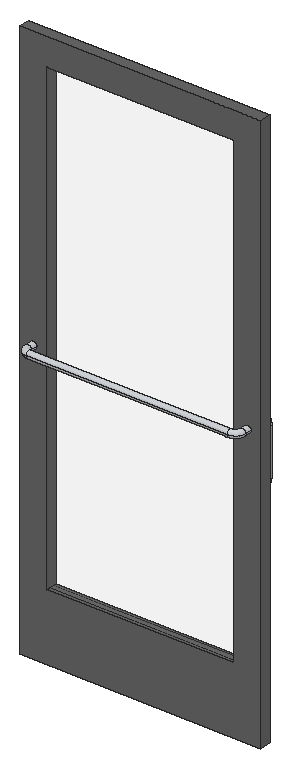
Revit family "Storefront_Entry_Door-_Single_7051", category Doors, Revit 2024
Family settings
  Always vertical = Yes
  Cut with Voids When Loaded = No
  Shared = No
  Room Calculation Point = No
Parameters (values of type "Store Front Single Door")
  Top Rail = 0' - 4"
  Thickness = 0' - 1 3/4"
  Side Rail = 0' - 4"
  Rail Height AFF = 3' - 6"
  Offset = 0' - 2"
  Material = Aluminum - Kawneer - Black
  Keynote = "08/003"
  Glazing Material = AE Glass
  Function = Interior
  FRAME FINISH [instance] = "ALUMINUM"
  Define Thermal Properties by = Schematic Type
  Bottom Rail Width = 0' - 10"
  Assembly Code = "B2030110"
  Analytic Construction = "<None>"
Reference planes (in)
  plane 1 "Center (Front/Back": y = 0
  plane 2: z = 0
  plane 3 "Center (Left/Right)": x = -14.75106
  plane 4 "Left": x = -32.75106
  plane 5 "Right": x = 3.24894
  plane 6 "Top": z = 84
  plane 7: y = 0.25
  plane 8: y = 2
  plane 9 "Handle Height": z = 42
  plane 10: z = 33
  plane 11 "Handle - Vert": x = 1.24894
Forms (in)
  Extrusion 1, solid, material "Aluminum - Kawneer - Black" <- "Material"
    sketch origin (0, 0, 0) x (1, 0, 0) y (0, 0, 1)
      loop
        line (-32.75106, 84) -> (-32.75106, 0) -> (3.24894, 0) -> (3.24894, 84) -> (-32.75106, 84)
      loop
        line (-0.75106, 80) -> (-28.75106, 80) -> (-28.75106, 10) -> (-0.75106, 10) -> (-0.75106, 80)
    from -2 to -0.25
  Extrusion 2, solid, material "AE Glass" <- "Glazing Material"
    sketch origin (0, 0, 0) x (1, 0, 0) y (0, 0, 1)
      loop
        line (-0.75106, 80) -> (-28.75106, 80) -> (-28.75106, 10) -> (-0.75106, 10) -> (-0.75106, 80)
    from -1.5 to -0.75
  Sweep 3, solid
    path origin (0, 0, 42) x (0, 1, 0) y (-1, 0, 0)
      loop
        line (0.25, -1.24894) -> (-0.75, -1.24894)
        arc (-0.75, -1.24894) -> (-1.45711, -0.95605) -> (-1.75, -0.24894) r 1
        line (-1.75, -0.24894) -> (-1.75, 29.75106)
        arc (-1.75, 29.75106) -> (-1.45711, 30.45817) -> (-0.75, 30.75106) r 1
        line (-0.75, 30.75106) -> (0.25, 30.75106)
    profile origin (1.24894, -0.25, 42) x (1, 0, 0) y (0, 0, 1)
      loop
        circle (0, 0) r 0.5
  Sweep 4, solid
    path origin (1.24894, 0, 0) x (0, 0, 1) y (0, -1, 0)
      loop
        line (42, -2) -> (42, -3)
        arc (42, -3) -> (41.70711, -3.70711) -> (41, -4) r 1
        line (41, -4) -> (34, -4)
        arc (34, -4) -> (33.29289, -3.70711) -> (33, -3) r 1
        line (33, -3) -> (33, -2)
    profile origin (1.24894, 2.5, 42) x (0, 0, 1) y (1, 0, 0)
      loop
        circle (0, 0) r 0.5
Lines and regions (in)
  symbolic lines, style "DoorsPanelProjection"
    curve 1: line (-32.75106, 0.25, 0) -> (-32.75106, 36.25, 0)
  symbolic lines, style "Plan Swing"
    curve 2: arc (3.24894, 0.25, 0) -> (-7.29521, 25.70584, 0) -> (-32.75106, 36.25, 0) r 36
  symbolic lines, style "Elevation Swing"
    curve 3: line (3.24894, 0, 0) -> (-32.75106, 0, 42)
    curve 4: line (-32.75106, 0, 42) -> (3.24894, 0, 84)
Text (in)
  text "Exterior" at (-13.30253, 14.1995, 0), in view "Base Line"
Dimensions and locks (in)
  equal spacing: plane 4 "Left", plane 3 "Center (Left/Right)", plane 5 "Right"
  "Top Rail": Extrusion 1 sketch curve to plane 6 "Top"
  "Bottom Rail Width": plane 2 to Extrusion 1 sketch curve
  "Side Rail": plane 4 "Left" to Extrusion 1 sketch curve
  "Side Rail": Extrusion 1 sketch curve to Extrusion 1 sketch curve
  "Rail Height AFF": plane 2 to plane 9 "Handle Height"
  locked: plane 10 to plane 9 "Handle Height" at 9
  "Offset": plane 1 "Center (Front/Back" to plane 8
  locked: Extrusion 2 to plane 8 at 0.5
  locked: plane 7 to Extrusion 2 at 0.5
  equal spacing: plane 2, curve 4, plane 6 "Top"
  plane 2 to plane 6 "Top" = 7' - 0"
  equal spacing: Extrusion 1, Sweep 3 sketch curve, Extrusion 1  (x2)
  locked: Extrusion 1 to Sweep 4 sketch curve at 2
  locked: plane 7 to plane 8 at 1.75
  locked: Sweep 3 sketch curve to Extrusion 1 at 2
  locked: plane 11 "Handle - Vert" to plane 5 "Right" at 2
  locked: Sweep 4 sketch curve to plane 5 "Right" at 2
  radius of Sweep 3 sketch curve = 0' - 1"  (x2)
  aligned and locked: Extrusion 1 to plane 8
  aligned and locked: Extrusion 2 sketch curve to Extrusion 1  (x4)
  aligned and locked: Extrusion 1 to Sweep 3 sketch curve  (x2)
  aligned and locked: plane 9 "Handle Height" to Sweep 4 sketch curve
  aligned and locked: Sweep 4 sketch curve to plane 10
  aligned and locked: Extrusion 1 to Sweep 4 sketch curve  (x2)
  aligned and locked: plane 7 to Extrusion 1
  aligned and locked: Extrusion 1 sketch curve to plane 5 "Right"
  aligned and locked: Extrusion 1 sketch curve to plane 4 "Left"
  aligned and locked: plane 6 "Top" to Extrusion 1 sketch curve
  aligned and locked: level to Extrusion 1 sketch curve
  aligned and locked: plane 11 "Handle - Vert" to Sweep 4 sketch curve
Automatic sketch dimensions
  plane 9 "Handle Height" to Sweep 4 sketch curve = 0' - 1"
  Sweep 4 sketch curve to plane 8 = 0' - 1"
  curve 1 to plane 4 "Left" = 0' - 0"
  curve 2 to plane 7 = 0' - 0"
  curve 1 to plane 7 = 0' - 0"
  plane 3 "Center (Left/Right)" to curve 2 = 1' - 6"
  Sweep 3 sketch curve to plane 9 "Handle Height" = 0' - 0"
  Sweep 3 sketch curve to profile plane = 0' - 0"
  Sweep 4 sketch curve to plane 11 "Handle - Vert" = 0' - 0"
  Sweep 4 sketch curve to profile plane = 0' - 0"
  curve 4 to plane 5 "Right" = 0' - 0"
  curve 4 to plane 6 "Top" = 0' - 0"
  curve 3 to level = 0' - 0"
  curve 3 to plane 4 "Left" = 0' - 0"
  curve 3 to plane 5 "Right" = 0' - 0"
  radius of Sweep 3 sketch curve = 0' - 0 1/2"
  radius of Sweep 4 sketch curve = 0' - 0 1/2"
